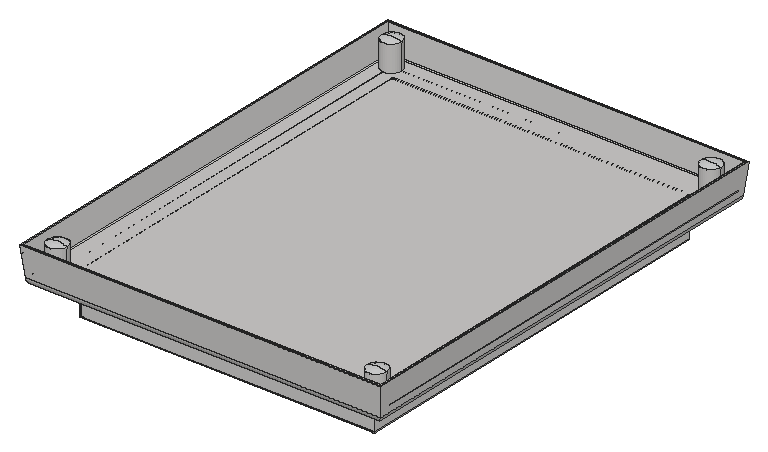
Revit family "Gorter BV THERMO 800x600mm", category Generic Models, host Face, Revit 2019
Family settings
  Host = Face
  Can host rebar = No
  Round Connector Dimension = Use Diameter
  Part Type = Normal
  Cut with Voids When Loaded = Yes
  Shared = No
  Room Calculation Point = No
Parameters (values of type "BV THERMO 800x600mm")
  vullen_met_beton = "ja"  # constant formula
  vergrendeling = "nee"  # constant formula
  uitwendige_lengte = 935 mm
  uitwendige_breedte = 735 mm
  sluiting = "4"  # constant formula
  scharnierend = "nee"  # constant formula
  rubberen_afdichting = "enkel"  # constant formula
  productgroep = ""
  materiaal = bcb_staal
  inbouwhoogte [instance] = 75 mm
  geïsoleerd = "ja"  # constant formula
  gewicht = "29"
  gasdrukveer = "nee"  # constant formula
  brandwerend 90 min = "nee"  # constant formula
  binnenmaat_lengte = uitwendige_lengte - 135 mm  # 800 mm
  binnenmaat_breedte = uitwendige_breedte - 135 mm  # 600 mm
  binnenluik = "tbv betonvulling"  # constant formula
  belasting = "125 kN"  # constant formula
  URL = ""
  RC-waarde = "3.2 m2 K/W"
  Model = "BV THERMO"  # constant formula
  Manufacturer = "Gorter"  # constant formula
  Description = "BV THERMO 86"
  Default Elevation = 1219.2 mm
Types (6, lengths in mm): name | uitwendige_lengte | uitwendige_breedte | gewicht | binnenmaat_lengte | binnenmaat_breedte | Description
  (no name) | 935 | 735 | "29" | 800 | 600 | "BV THERMO 86"
  BV THERMO 600x600mm | 735 | 735 | "23" | 600 | 600 | "BV THERMO 66"
  BV THERMO 800x600mm | 935 | 735 | "29" | 800 | 600 | "BV THERMO 86"
  BV THERMO 800x800mm | 935 | 935 | "33" | 800 | 800 | "BV THERMO 88"
  BV THERMO 1000x600mm | 1135 | 735 | "33" | 1000 | 600 | "BV THERMO 106"
  BV THERMO 600x400mm | 735 | 535 | "23" | 600 | 400 | "BV THERMO 64"
Reference planes
  plane 1 "Center (Front/Back)": y = 0
  plane 2: z = 0
  plane 3 "Center (Left/Right)": x = 0
  plane 4: y = 467.5
  plane 5: y = -467.5
  plane 6: x = 367.5
  plane 7: x = -367.5
  plane 8: z = -75
  plane 9: x = -325.5
  plane 10: y = 425.5
  plane 11: y = -425.5
  plane 12: x = 325.5
  plane 13: x = -205.5
  plane 14: x = 205.5
  plane 15: y = -305.5
  plane 16: y = 305.5
  plane 17: x = -297
  plane 18: x = 297
  plane 19: y = -396.5
  plane 20: y = 396.5
Forms (mm)
  Sweep 1, solid, material "bcb_staal" <- "materiaal", detail levels medium+fine
    path origin (0, 0, 0) x (1, 0, 0) y (0, 1, 0)
      loop
        line (-367.5, 467.5) -> (-367.5, -467.5) -> (367.5, -467.5) -> (367.5, 467.5) -> (-367.5, 467.5)
    profile origin (-367.5, 0, 0) x (-1, 0, 0) y (0, 0, 1)
      loop
        line (0, 0) -> (-2.01, 0) -> (-8.062, -60.739)
        arc (-8.062, -60.739) -> (-19.025, -71.913) -> (-32.302, -63.62) r 12.5
        line (-32.302, -63.62) -> (-34.724, -56.679)
        arc (-34.724, -56.679) -> (-38.41, -54.001) -> (-42.212, -56.51) r 4
        line (-42.212, -56.51) -> (-44.362, -61.868)
        arc (-44.362, -61.868) -> (-48.269, -64.946) -> (-52.899, -63.13) r 5
        line (-52.899, -63.13) -> (-56.64, -57.982)
        arc (-56.64, -57.982) -> (-63.349, -55.792) -> (-67.5, -61.5) r 6
        line (-67.5, -61.5) -> (-67.5, -75) -> (-65.5, -75) -> (-65.5, -61.5)
        arc (-65.5, -61.5) -> (-62.734, -57.695) -> (-58.262, -59.152) r 4
        line (-58.262, -59.152) -> (-54.667, -64.109)
        arc (-54.667, -64.109) -> (-48.142, -66.947) -> (-42.504, -62.607) r 7
        line (-42.504, -62.607) -> (-40.356, -57.255)
        arc (-40.356, -57.255) -> (-38.451, -56.001) -> (-36.61, -57.346) r 2
        line (-36.61, -57.346) -> (-34.19, -64.279)
        arc (-34.19, -64.279) -> (-18.789, -73.899) -> (-6.071, -60.938) r 14.5
        line (-6.071, -60.938) -> (0, 0)
  Sweep 2, solid, material "bcb_staal" <- "materiaal", detail levels medium+fine
    path origin (0, 0, 0) x (1, 0, 0) y (0, 1, 0)
      loop
        line (-367.5, 467.5) -> (-367.5, -467.5) -> (367.5, -467.5) -> (367.5, 467.5) -> (-367.5, 467.5)
    profile origin (-367.5, 0, 0) x (-1, 0, 0) y (0, 0, 1)
      loop
        line (-10.487, -50.628) -> (-2.484, 0) -> (-4.5, 0) -> (-12.438, -50.313)
        arc (-12.438, -50.313) -> (-13.121, -51.538) -> (-14.437, -52.024) r 2.024
        line (-14.437, -52.024) -> (-67.5, -52.024) -> (-67.5, -53.988) -> (-14.751, -53.988)
        arc (-14.751, -53.988) -> (-11.962, -53.142) -> (-10.487, -50.628) r 4
  Sweep 3, solid, material "bcb_staal" <- "materiaal", detail levels coarse
    path origin (0, 0, 0) x (1, 0, 0) y (0, 1, 0)
      loop
        line (-367.5, 467.5) -> (-367.5, -467.5) -> (367.5, -467.5) -> (367.5, 467.5) -> (-367.5, 467.5)
    profile origin (-367.5, 0, 0) x (-1, 0, 0) y (0, 0, 1)
      loop
        line (0, 0) -> (-4.5, 0) -> (-12.74, -52.024) -> (-67.5, -52.024) -> (-67.5, -75) -> (-7.473, -75) -> (0, 0)
  Extrusion 4, solid, material "bcb_staal" <- "materiaal", detail levels medium+fine
    sketch origin (0, 0, 0) x (1, 0, 0) y (0, 1, 0)
      loop
        line (-300, 400) -> (-300, -400) -> (300, -400) -> (300, 400) -> (-300, 400)
    from -53.988 to -52
  Extrusion 5, solid, material "bcb_staal" <- "materiaal", detail levels coarse
    sketch origin (0, 0, 0) x (1, 0, 0) y (0, 1, 0)
      loop
        line (-300, 400) -> (-300, -400) -> (300, -400) -> (300, 400) -> (-300, 400)
    from -75 to -52.024
  Extrusion 6, void
    sketch origin (0, 0, 0) x (1, 0, 0) y (0, 1, 0)
      loop
        line (-205.5, -305.5) -> (205.5, -305.5) -> (205.5, 305.5) -> (-205.5, 305.5) -> (-205.5, -305.5)
    from -500 to 10
  Sweep 7, void
    path origin (0, 0, 0) x (1, 0, 0) y (0, 1, 0)
      loop
        line (-367.5, 467.5) -> (-367.5, -467.5) -> (367.5, -467.5) -> (367.5, 467.5) -> (-367.5, 467.5)
    profile origin (-367.5, 0, 0) x (-1, 0, 0) y (0, 0, 1)
      loop
        line (0.498, 5) -> (-162, 5) -> (-162, -365) -> (-65.5, -365) -> (-65.5, -75) -> (-7.473, -75) -> (0.498, 5)
  Sweep 8, solid, material "bcb_staal" <- "materiaal"
    path origin (0, 0, 0) x (1, 0, 0) y (0, 1, 0)
      loop
        line (-367.5, 467.5) -> (-367.5, -467.5) -> (367.5, -467.5) -> (367.5, 467.5) -> (-367.5, 467.5)
    profile origin (-367.5, 0, 0) x (-1, 0, 0) y (0, 0, 1)
      loop
        line (-58.5, -55.001) -> (-58.5, -54.001) -> (-66.5, -54.001)
        arc (-66.5, -54.001) -> (-67.914, -54.587) -> (-68.5, -56.001) r 2
        line (-68.5, -56.001) -> (-68.5, -136)
        arc (-68.5, -136) -> (-68.793, -136.707) -> (-69.5, -137) r 1
        line (-69.5, -137) -> (-82.5, -137) -> (-82.5, -138) -> (-69.5, -138)
        arc (-69.5, -138) -> (-68.086, -137.414) -> (-67.5, -136) r 2
        line (-67.5, -136) -> (-67.5, -56.001)
        arc (-67.5, -56.001) -> (-67.207, -55.294) -> (-66.5, -55.001) r 1
        line (-66.5, -55.001) -> (-58.5, -55.001)
  Extrusion 9, solid, material "bcb_pe"
    sketch origin (0, 0, 0) x (1, 0, 0) y (0, 1, 0)
      loop
        line (-297, 396.5) -> (-297, -396.5) -> (297, -396.5) -> (297, 396.5) -> (-297, 396.5)
    from -137 to -57.982
Cuts and joins
  joined: Sweep 2, Extrusion 4
  joined: Sweep 3, Extrusion 5
Dimensions and locks
  equal spacing: plane 7, plane 3 "Center (Left/Right)", plane 6
  "uitwendige_breedte": plane 7 to plane 6
  equal spacing: plane 4, plane 1 "Center (Front/Back)", plane 5
  "uitwendige_lengte": plane 4 to plane 5
  locked: plane 4 to plane 10 at 42
  locked: plane 7 to plane 9 at 42
  locked: plane 12 to plane 6 at 42
  locked: plane 5 to plane 11 at 42
  locked: plane 9 to plane 13 at 120
  locked: plane 14 to plane 12 at 120
  locked: plane 15 to plane 11 at 120
  locked: plane 10 to plane 16 at 120
  locked: plane 9 to plane 17 at 28.5
  locked: plane 18 to plane 12 at 28.5
  locked: plane 11 to plane 19 at 29
  locked: plane 10 to plane 20 at 29
  aligned and locked: plane 2 to host face
  aligned and locked: level to host face
  aligned and locked: Sweep 1 sketch curve to plane 4
  aligned and locked: plane 7 to Sweep 1 sketch curve
  aligned and locked: plane 5 to Sweep 1 sketch curve
  aligned and locked: Sweep 1 sketch curve to plane 6
  aligned and locked: Sweep 2 sketch curve to Sweep 1  (x4)
  aligned and locked: Sweep 3 sketch curve to Sweep 1  (x4)
  aligned and locked: Extrusion 4 sketch curve to Sweep 1  (x4)
  aligned and locked: Extrusion 5 sketch curve to Sweep 3  (x2)
  aligned and locked: Extrusion 5 sketch curve to Sweep 1  (x2)
  aligned and locked: plane 9 to nested 1
  aligned and locked: nested 1 to plane 10
  aligned and locked: nested 2 to plane 12
  aligned and locked: plane 10 to nested 2
  aligned and locked: plane 11 to nested 3
  aligned and locked: nested 3 to plane 9
  aligned and locked: nested 4 to plane 11
  aligned and locked: plane 12 to nested 4
  aligned and locked: Extrusion 6 to plane 16
  aligned and locked: Extrusion 6 to plane 14
  aligned and locked: Extrusion 6 to plane 15
  aligned and locked: Extrusion 6 to plane 13
  aligned and locked: Sweep 7 sketch curve to plane 4
  aligned and locked: Sweep 7 sketch curve to plane 6
  aligned and locked: plane 5 to Sweep 7 sketch curve
  aligned and locked: plane 7 to Sweep 7 sketch curve
  aligned and locked: Sweep 8 sketch curve to plane 4
  aligned and locked: Sweep 8 sketch curve to plane 6
  aligned and locked: plane 7 to Sweep 8 sketch curve
  aligned and locked: plane 5 to Sweep 8 sketch curve
  aligned and locked: Extrusion 9 sketch curve to plane 20
  aligned and locked: Extrusion 9 sketch curve to plane 18
  aligned and locked: Extrusion 9 sketch curve to plane 19
  aligned and locked: Extrusion 9 sketch curve to plane 17
Automatic sketch dimensions
  host sketch curve to host sketch curve = 2000 mm  (x2)
  Sweep 1 sketch curve to profile plane = 0 mm
  profile plane to Sweep 1 sketch curve = 6.071 mm
  Sweep 1 sketch curve to Sweep 1 sketch curve = 1.99 mm
  Sweep 1 sketch curve to Sweep 1 sketch curve = 12.438 mm
  Sweep 1 sketch curve to Sweep 1 sketch curve = 0 mm  (x6)
  Sweep 1 sketch curve to Sweep 1 sketch curve = 11.802 mm
  Sweep 1 sketch curve to Sweep 1 sketch curve = 1.888 mm
  Sweep 1 sketch curve to Sweep 1 sketch curve = 2.423 mm
  Sweep 1 sketch curve to Sweep 1 sketch curve = 1.886 mm
  Sweep 1 sketch curve to Sweep 1 sketch curve = 1.89 mm
  Sweep 1 sketch curve to Sweep 1 sketch curve = 1.856 mm  (x2)
  Sweep 1 sketch curve to Sweep 1 sketch curve = 2.147 mm
  Sweep 1 sketch curve to Sweep 1 sketch curve = 1.858 mm
  Sweep 1 sketch curve to Sweep 1 sketch curve = 4.638 mm
  Sweep 1 sketch curve to Sweep 1 sketch curve = 3.899 mm
  Sweep 1 sketch curve to Sweep 1 sketch curve = 1.768 mm
  Sweep 1 sketch curve to Sweep 1 sketch curve = 3.741 mm
  Sweep 1 sketch curve to Sweep 1 sketch curve = 1.622 mm
  Sweep 1 sketch curve to Sweep 1 sketch curve = 3.238 mm
  Sweep 1 sketch curve to Sweep 1 sketch curve = 4 mm
  Sweep 1 sketch curve to Sweep 1 sketch curve = 2 mm
  Sweep 1 sketch curve to level = 56.51 mm
  Sweep 1 sketch curve to Sweep 1 sketch curve = 0.169 mm
  Sweep 1 sketch curve to Sweep 1 sketch curve = 0.745 mm
  Sweep 1 sketch curve to Sweep 1 sketch curve = 0.654 mm
  Sweep 1 sketch curve to Sweep 1 sketch curve = 1.471 mm
  Sweep 1 sketch curve to Sweep 1 sketch curve = 1.17 mm
  Sweep 1 sketch curve to Sweep 1 sketch curve = 2.821 mm
  Sweep 1 sketch curve to Sweep 1 sketch curve = 3.49 mm
  Sweep 1 sketch curve to Sweep 1 sketch curve = 1.239 mm
  Sweep 1 sketch curve to Sweep 1 sketch curve = 0.198 mm
  Sweep 1 sketch curve to Sweep 1 sketch curve = 1.867 mm
  Sweep 1 sketch curve to Sweep 1 sketch curve = 0.739 mm
  Sweep 1 sketch curve to Sweep 1 sketch curve = 13.5 mm
  profile plane to Sweep 1 sketch curve = 2.01 mm
  Sweep 1 sketch curve to Sweep 1 sketch curve = 60.938 mm
  Sweep 2 sketch curve to level = 0 mm
  profile plane to Sweep 2 sketch curve = 14.751 mm
  Sweep 2 sketch curve to Sweep 2 sketch curve = 0.313 mm  (x2)
  Sweep 2 sketch curve to Sweep 2 sketch curve = 0 mm  (x2)
  Sweep 2 sketch curve to Sweep 2 sketch curve = 1.95 mm
  Sweep 2 sketch curve to Sweep 2 sketch curve = 0.315 mm
  Sweep 2 sketch curve to Sweep 2 sketch curve = 53.063 mm
  profile plane to Sweep 2 sketch curve = 4.5 mm
  Sweep 2 sketch curve to Sweep 2 sketch curve = 2.016 mm
  Sweep 2 sketch curve to level = 52.024 mm
  Sweep 2 sketch curve to Sweep 2 sketch curve = 1.963 mm
  Sweep 3 sketch curve to level = 0 mm
  Sweep 3 sketch curve to profile plane = 0 mm
  profile plane to Sweep 3 sketch curve = 4.5 mm
  profile plane to Sweep 3 sketch curve = 12.74 mm
  Sweep 3 sketch curve to Sweep 3 sketch curve = 54.76 mm
  Sweep 3 sketch curve to level = 52.024 mm
  profile plane to Sweep 3 sketch curve = 7.473 mm
  Sweep 3 sketch curve to Sweep 3 sketch curve = 22.976 mm
  Extrusion 6 sketch curve to plane 11 = 120 mm
  Extrusion 6 sketch curve to plane 1 "Center (Front/Back)" = 305.5 mm
  Extrusion 6 sketch curve to plane 13 = 0 mm
  Extrusion 6 sketch curve to plane 14 = 0 mm
  level to Sweep 7 sketch curve = 5 mm
  profile plane to Sweep 7 sketch curve = 162 mm
  profile plane to Sweep 7 sketch curve = 65.5 mm
  profile plane to Sweep 7 sketch curve = 7.473 mm
  Sweep 7 sketch curve to profile plane = 0.498 mm
  Sweep 7 sketch curve to level = 75 mm
  Sweep 7 sketch curve to Sweep 7 sketch curve = 290 mm
  Sweep 8 sketch curve to Sweep 8 sketch curve = 0 mm  (x4)
  Sweep 8 sketch curve to Sweep 8 sketch curve = 1 mm  (x2)
  Sweep 8 sketch curve to Sweep 8 sketch curve = 8 mm
  Sweep 8 sketch curve to level = 56.001 mm
  profile plane to Sweep 8 sketch curve = 69.5 mm
  profile plane to Sweep 8 sketch curve = 68.5 mm
  Sweep 8 sketch curve to Sweep 8 sketch curve = 79.999 mm
  Sweep 8 sketch curve to Sweep 8 sketch curve = 13 mm
Nested families
  nested 1: "NLRS_33_GM_FB_TC_GORTER_vloerluik_BV_BCB_Inbusbout" at (-325.5, 425.5, -52.024), type "NLRS_33_GM_FB_TC_GORTER_vloerluik_BV_BCB_Inbusbout"
  nested 2: "NLRS_33_GM_FB_TC_GORTER_vloerluik_BV_BCB_Inbusbout" at (325.5, 425.5, -52.024) x (-1, 0, 0) z (0, 0, 1), type "NLRS_33_GM_FB_TC_GORTER_vloerluik_BV_BCB_Inbusbout"
  nested 3: "NLRS_33_GM_FB_TC_GORTER_vloerluik_BV_BCB_Inbusbout" at (-325.5, -425.5, -52.024), type "NLRS_33_GM_FB_TC_GORTER_vloerluik_BV_BCB_Inbusbout"
  nested 4: "NLRS_33_GM_FB_TC_GORTER_vloerluik_BV_BCB_Inbusbout" at (325.5, -425.5, -52.024) x (-1, 0, 0) z (0, 0, 1), type "NLRS_33_GM_FB_TC_GORTER_vloerluik_BV_BCB_Inbusbout"
Definition of nested family "NLRS_33_GM_FB_TC_GORTER_vloerluik_BV_BCB_Inbusbout"
  Parameters
    materiaal = none
    Default Elevation = 1219.2 mm
  Reference planes
    plane 1 "Center (Front/Back)": y = 0
    plane 2: z = 0
    plane 3 "Center (Left/Right)": x = 0
  Forms (mm)
    Extrusion 1, solid, not visible
      sketch origin (0, 0, 0) x (1, 0, 0) y (0, 1, 0)
        loop
          line (-250, 250) -> (-250, -250) -> (250, -250) -> (250, 250) -> (-250, 250)
      from 0 to -100
    Extrusion 2, solid, material <- "materiaal", detail levels medium+fine
      sketch origin (0, 0, 0) x (1, 0, 0) y (0, 1, 0)
        loop
          circle (0, 0) r 20
      from 0 to 52
    Revolve 3, solid, detail levels medium+fine
      sketch origin (0, 0, 0) x (1, 0, 0) y (0, 0, 1)
        loop
          line (-20, 52) -> (0, 52) -> (0, 56)
          arc (0, 56) -> (-10.198, 54.99) -> (-20, 52) r 52
        axis (0, 56) -> (0, 52)
      angle from 0 to 360
  Dimensions and locks
    aligned and locked: plane 2 to Extrusion 1
    aligned and locked: level to Extrusion 1
